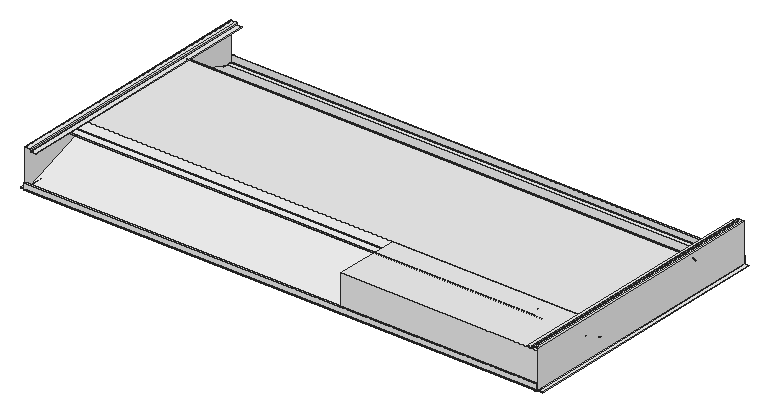
Revit family "LRTP 2x2_2x4", category Lighting Fixtures, host Ceiling, Revit 2019
Family settings
  Host = Ceiling
  Round Connector Dimension = Use Diameter
  Part Type = Normal
  OmniClass Number = 23.80.70.11.14.17
  OmniClass Title = Direct/Indirect
  Always vertical = Yes
  Cut with Voids When Loaded = No
  Light Source = Yes
  Shared = No
  Room Calculation Point = No
Parameters (values of type "LRTP2X4-LED840K061LUNV")
  Width = 1' - 11 3/4"
  Wattage = 43 W
  built-in parameter 1150110 = 1 (stored number, unit not read)
  Voltage = 120 V
  URL = "https://www.viscor.com/en/products/lrtp"
  built-in parameter 1114217 = 0.9 (stored number, unit not read)
  Tilt Angle = 90.00°
  built-in parameter 1150109 = 1 (stored number, unit not read)
  built-in parameter 1150134 = 12
  built-in parameter 1150113 = 1 (stored number, unit not read)
  Reflector Width = Width / 2  # 0' - 11 7/8"
  Photometric Web File = "LRTP2X4-LED840K061LUNV-G002084.IES"
  Model = "LRTP"  # constant formula
  Manufacturer = "VISIONEERING by VISCOR"  # constant formula
  Lumens = 6149 lm
  built-in parameter 1150115 = 1 (stored number, unit not read)
  built-in parameter 1150105 = 489.32 (stored number, unit not read)
  built-in parameter 1150137 = (empty or 0)
  built-in parameter 1150139 = (empty or 0)
  Lens Finish = Polycarbonate - Viscor - Frosted Round
  Length = 3' - 11 3/4"
  Lamp Wattage = 43 VA
  built-in parameter 1150112 = 1 (stored number, unit not read)
  built-in parameter 1150114 = 1 (stored number, unit not read)
  Lamp = "LED"  # constant formula
  built-in parameter 1150132 = (empty or 0)
  built-in parameter 1150102 = (empty or 0)
  built-in parameter 1150138 = (empty or 0)
  built-in parameter 1150107 = 4000 (stored number, unit not read)
  built-in parameter 1150106 = 4.8932 (stored number, unit not read)
  Housing Finish = Metal - Viscor - White
  Emit from Rectangle Width = Width  # 1' - 11 3/4"
  Emit from Rectangle Length = Length  # 3' - 11 3/4"
  Emit Shape Visible in Rendering = no
  built-in parameter 1150104 = 13.285 (stored number, unit not read)
  Dimming Lamp Color Temperature Shift = <None>
  Description = "LED Recessed Troffer Type P"  # constant formula
  Color Filter = 16777215
  built-in parameter 1114218 = 1 (stored number, unit not read)
  built-in parameter 1150133 = 10 (stored number, unit not read)
  Assembly Code = "D5020200"
  Apparent Load = Lamp Wattage  # 43 VA
Types (8): name | Wattage | Photometric Web File | Lumens | built-in parameter 1150105 | Length | Lamp Wattage | built-in parameter 1150106 | Emit from Rectangle Length | built-in parameter 1150104 | Apparent Load
  (no name) | 43 W | "LRTP2X4-LED840K061LUNV-G002084.IES" | 6149 lm | 489.32 (stored number, unit not read) | 3' - 11 3/4" | 43 VA | 4.8932 (stored number, unit not read) | 3' - 11 3/4" | 13.285 (stored number, unit not read) | 43 VA
  LRTP2X2-LED840K027LUNV | 23 W | "LRTP2X2-LED840K027LUNV-G002079.IES" | 2783 lm | 221.46 (stored number, unit not read) | 1' - 11 3/4" | 23 VA | 2.2146 (stored number, unit not read) | 1' - 11 3/4" | 11.241 (stored number, unit not read) | 23 VA
  LRTP2x4-LED840K042LUNV | 31 W | "LRTP2X4-LED840K042LUNV-G002081.IES" | 4247 lm | 337.97 (stored number, unit not read) | 3' - 11 3/4" | 31 VA | 3.3797 (stored number, unit not read) | 3' - 11 3/4" | 12.728 (stored number, unit not read) | 31 VA
  LRTP2x4-LED840K037LUNV | 25 W | "LRTP2X4-LED840K037LUNV-G002085.IES" | 3725 lm | 296.43 (stored number, unit not read) | 3' - 11 3/4" | 25 VA | 2.9643 (stored number, unit not read) | 3' - 11 3/4" | 13.843 (stored number, unit not read) | 25 VA
  LRTP2X2-LED840K035LUNV | 30 W | "LRTP2X2-LED840K035LUNV-G002087.IES" | 3510 lm | 279.32 (stored number, unit not read) | 1' - 11 3/4" | 30 VA | 2.7932 (stored number, unit not read) | 1' - 11 3/4" | 10.87 (stored number, unit not read) | 30 VA
  LRTP2X2-LED840K040LUNV | 32 W | "LRTP2X2-LED840K040LUNV-G002051.IES" | 4032 lm | 320.86 (stored number, unit not read) | 1' - 11 3/4" | 32 VA | 3.2086 (stored number, unit not read) | 1' - 11 3/4" | 11.706 (stored number, unit not read) | 32 VA
  LRTP2X4-LED840K050LUNV | 39 W | "LRTP2X4-LED840K050LUNV-G002082.IES" | 5226 lm | 415.87 (stored number, unit not read) | 3' - 11 3/4" | 39 VA | 4.1587 (stored number, unit not read) | 3' - 11 3/4" | 12.449 (stored number, unit not read) | 39 VA
  LRTP2X4-LED840K061LUNV | 43 W | "LRTP2X4-LED840K061LUNV-G002084.IES" | 6149 lm | 489.32 (stored number, unit not read) | 3' - 11 3/4" | 43 VA | 4.8932 (stored number, unit not read) | 3' - 11 3/4" | 13.285 (stored number, unit not read) | 43 VA
Reference planes (in)
  plane 1 "Light Source Axis (F/B)": y = 0
  plane 2 "Ceiling": z = 96
  plane 3 "Light Source Axis (L/R)": x = 0
  plane 4 "Light Source Elevation": z = 95.96875
  plane 5: y = 11.875
  plane 6: y = -11.875
  plane 7: x = -23.875
  plane 8: x = 23.875
  plane 9: x = -23.8125
  plane 10: x = 23.8125
  plane 11: y = -11.875
  plane 12: x = -23.45
  plane 13: x = 23.45
  plane 14: y = -11.7755
  plane 15: y = 11.7755
  plane 16: x = 5.45
Forms (in)
  Extrusion 1, void
    sketch origin (0, 0, 96) x (1, 0, 0) y (0, 1, 0)
      loop
        line (-23.875, -11.875) -> (23.875, -11.875) -> (23.875, 11.875) -> (-23.875, 11.875) -> (-23.875, -11.875)
    from -0.25733 to 3.57262
  Extrusion 2, solid, material "Metal - Viscor - White" <- "Housing Finish"
    sketch origin (0, 0, 0) x (1, 0, 0) y (0, 0, 1)
      loop
        line (-23.875, 96) -> (-23.519, 96)
        arc (-23.519, 96) -> (-23.47021, 96.02021) -> (-23.45, 96.069) r 0.069
        line (-23.45, 96.069) -> (-23.45, 99.461)
        arc (-23.45, 99.461) -> (-23.43858, 99.48858) -> (-23.411, 99.5) r 0.039
        line (-23.411, 99.5) -> (-22.989, 99.5)
        arc (-22.989, 99.5) -> (-22.96142, 99.48858) -> (-22.95, 99.461) r 0.039
        line (-22.95, 99.461) -> (-22.95, 99.351)
        arc (-22.95, 99.351) -> (-22.92979, 99.30221) -> (-22.881, 99.282) r 0.069
        line (-22.881, 99.282) -> (-22.45, 99.282) -> (-22.45, 99.31325) -> (-22.881, 99.31325)
        arc (-22.881, 99.31325) -> (-22.90769, 99.32431) -> (-22.91875, 99.351) r 0.03775
        line (-22.91875, 99.351) -> (-22.91875, 99.461)
        arc (-22.91875, 99.461) -> (-22.93933, 99.51067) -> (-22.989, 99.53125) r 0.07025
        line (-22.989, 99.53125) -> (-23.411, 99.53125)
        arc (-23.411, 99.53125) -> (-23.46067, 99.51067) -> (-23.48125, 99.461) r 0.07025
        line (-23.48125, 99.461) -> (-23.48125, 96.069)
        arc (-23.48125, 96.069) -> (-23.49231, 96.04231) -> (-23.519, 96.03125) r 0.03775
        line (-23.519, 96.03125) -> (-23.875, 96.03125) -> (-23.875, 96)
    from -11.7755 to 11.7755
  Extrusion 3, solid, material "Metal - Viscor - White" <- "Housing Finish"
    sketch origin (0, 0, 0) x (-1, 0, 0) y (0, 0, -1)
      loop
        line (-23.875, -96) -> (-23.875, -96.03125) -> (-23.519, -96.03125)
        arc (-23.519, -96.03125) -> (-23.49231, -96.04231) -> (-23.48125, -96.069) r 0.03775
        line (-23.48125, -96.069) -> (-23.48125, -99.461)
        arc (-23.48125, -99.461) -> (-23.46067, -99.51067) -> (-23.411, -99.53125) r 0.07025
        line (-23.411, -99.53125) -> (-22.989, -99.53125)
        arc (-22.989, -99.53125) -> (-22.93933, -99.51067) -> (-22.91875, -99.461) r 0.07025
        line (-22.91875, -99.461) -> (-22.91875, -99.351)
        arc (-22.91875, -99.351) -> (-22.90769, -99.32431) -> (-22.881, -99.31325) r 0.03775
        line (-22.881, -99.31325) -> (-22.45, -99.31325) -> (-22.45, -99.282) -> (-22.881, -99.282)
        arc (-22.881, -99.282) -> (-22.92979, -99.30221) -> (-22.95, -99.351) r 0.069
        line (-22.95, -99.351) -> (-22.95, -99.461)
        arc (-22.95, -99.461) -> (-22.96142, -99.48858) -> (-22.989, -99.5) r 0.039
        line (-22.989, -99.5) -> (-23.411, -99.5)
        arc (-23.411, -99.5) -> (-23.43858, -99.48858) -> (-23.45, -99.461) r 0.039
        line (-23.45, -99.461) -> (-23.45, -96.069)
        arc (-23.45, -96.069) -> (-23.47021, -96.02021) -> (-23.519, -96) r 0.069
        line (-23.519, -96) -> (-23.875, -96)
    from -11.7755 to 11.7755
  Extrusion 4, solid, material "Metal - Viscor - White" <- "Housing Finish"
    sketch origin (0, 0, 0) x (0, 1, 0) y (0, 0, 1)
      loop
        line (11.875, 96.062) -> (11.875, 96.625) -> (11.84375, 96.625) -> (11.84375, 96.062)
        arc (11.84375, 96.062) -> (11.83474, 96.04026) -> (11.813, 96.03125) r 0.03075
        line (11.813, 96.03125) -> (11.44235, 96.03125) -> (6.105, 97.9158)
        arc (6.105, 97.9158) -> (6.08464, 97.94183) -> (6.09961, 97.97128) r 0.03075
        line (6.09961, 97.97128) -> (6.56512, 98.24606)
        arc (6.56512, 98.24606) -> (6.59871, 98.29503) -> (6.58279, 98.35223) r 0.07025
        line (6.58279, 98.35223) -> (5.84064, 99.21957) -> (5.81689, 99.19926) -> (6.55905, 98.33192)
        arc (6.55905, 98.33192) -> (6.56789, 98.30016) -> (6.54924, 98.27298) r 0.039
        line (6.54924, 98.27298) -> (6.08373, 97.99819)
        arc (6.08373, 97.99819) -> (6.05353, 97.9388) -> (6.0946, 97.88634) r 0.062
        line (6.0946, 97.88634) -> (11.437, 96) -> (11.813, 96)
        arc (11.813, 96) -> (11.85684, 96.01816) -> (11.875, 96.062) r 0.062
    from -23.45 to 23.45
  Extrusion 5, solid, material "Metal - Viscor - White" <- "Housing Finish"
    sketch origin (0, 0, 0) x (0, -1, 0) y (0, 0, -1)
      loop
        arc (11.875, -96.062) -> (11.85684, -96.01816) -> (11.813, -96) r 0.062
        line (11.813, -96) -> (11.437, -96) -> (6.0946, -97.88634)
        arc (6.0946, -97.88634) -> (6.05353, -97.9388) -> (6.08373, -97.99819) r 0.062
        line (6.08373, -97.99819) -> (6.54924, -98.27298)
        arc (6.54924, -98.27298) -> (6.56789, -98.30016) -> (6.55905, -98.33192) r 0.039
        line (6.55905, -98.33192) -> (5.81689, -99.19926) -> (5.84064, -99.21957) -> (6.58279, -98.35223)
        arc (6.58279, -98.35223) -> (6.59871, -98.29503) -> (6.56512, -98.24606) r 0.07025
        line (6.56512, -98.24606) -> (6.09961, -97.97128)
        arc (6.09961, -97.97128) -> (6.08464, -97.94183) -> (6.105, -97.9158) r 0.03075
        line (6.105, -97.9158) -> (11.44235, -96.03125) -> (11.813, -96.03125)
        arc (11.813, -96.03125) -> (11.83474, -96.04026) -> (11.84375, -96.062) r 0.03075
        line (11.84375, -96.062) -> (11.84375, -96.625) -> (11.875, -96.625) -> (11.875, -96.062)
    from -23.45 to 23.45
  Extrusion 6, solid, material "Metal - Viscor - White" <- "Housing Finish"
    sketch origin (0, 0, 0) x (0, 1, 0) y (0, 0, 1)
      loop
        line (6.31831, 98.69965) -> (5.84238, 99.25586)
        arc (5.84238, 99.25586) -> (5.81881, 99.27368) -> (5.78995, 99.28) r 0.069
        line (5.78995, 99.28) -> (-5.78995, 99.28)
        arc (-5.78995, 99.28) -> (-5.81881, 99.27368) -> (-5.84238, 99.25586) r 0.069
        line (-5.84238, 99.25586) -> (-6.31831, 98.69965) -> (-6.29457, 98.67933) -> (-5.81864, 99.23554)
        arc (-5.81864, 99.23554) -> (-5.80574, 99.24529) -> (-5.78995, 99.24875) r 0.03775
        line (-5.78995, 99.24875) -> (5.78995, 99.24875)
        arc (5.78995, 99.24875) -> (5.80574, 99.24529) -> (5.81864, 99.23554) r 0.03775
        line (5.81864, 99.23554) -> (6.29457, 98.67933) -> (6.31831, 98.69965)
    from -23.45 to 23.45
  Extrusion 7, solid, material "Polycarbonate - Viscor - Frosted Round" <- "Lens Finish"
    sketch origin (0, 0, 0) x (0, 1, 0) y (0, 0, 1)
      loop
        arc (6.54518, 98.34013) -> (0, 96.346) -> (-6.54518, 98.34013) r 11.73842
        line (-6.54518, 98.34013) -> (-6.56748, 98.30693)
        arc (-6.56748, 98.30693) -> (0, 96.306) -> (6.56748, 98.30693) r 11.77842
        line (6.56748, 98.30693) -> (6.54518, 98.34013)
    from -23.45 to 23.45
  Extrusion 8, solid, material "Metal - Viscor - White" <- "Housing Finish"
    sketch origin (0, 0, 0) x (0, 1, 0) y (0, 0, 1)
      loop
        line (-6.40641, 97.80938) -> (-6.65008, 98.30897) -> (-5.81749, 99.282) -> (-11.7755, 99.282) -> (-11.7755, 96.03125) -> (-11.44235, 96.03125) -> (-6.40641, 97.80938)
    from 5.45 to 23.45
Dimensions and locks (in)
  equal spacing: host sketch curve, plane 3 "Light Source Axis (L/R)", host sketch curve
  equal spacing: host sketch curve, plane 1 "Light Source Axis (F/B)", host sketch curve
  host sketch curve to host sketch curve = 10' - 0"  (x2)
  equal spacing: plane 7, plane 3 "Light Source Axis (L/R)", plane 8
  "Length": plane 7 to plane 8
  equal spacing: plane 5, plane 1 "Light Source Axis (F/B)", plane 6
  "Width": plane 5 to plane 6
  plane 4 "Light Source Elevation" to plane 2 "Ceiling" = 0' - 0 1/32"
  locked: plane 7 to plane 9 at 0.0625
  locked: plane 10 to plane 8 at 0.0625
  locked: plane 7 to plane 12 at 0.425
  locked: plane 13 to plane 8 at 0.425
  locked: plane 14 to plane 11 at 0.0995
  locked: plane 5 to plane 15 at 0.0995
  locked: plane 16 to plane 13 at 18
  aligned and locked: plane 3 "Light Source Axis (L/R)" to imposter light
  aligned and locked: plane 1 "Light Source Axis (F/B)" to imposter light
  aligned and locked: plane 4 "Light Source Elevation" to imposter light
  aligned and locked: Extrusion 1 to imposter light
  aligned and locked: Extrusion 1 to plane 7
  aligned and locked: plane 8 to Extrusion 1
  aligned and locked: plane 15 to Extrusion 2
  aligned and locked: Extrusion 2 to plane 14
  aligned and locked: plane 15 to Extrusion 3
  aligned and locked: Extrusion 3 to plane 14
  aligned and locked: Extrusion 4 to plane 12
  aligned and locked: plane 13 to Extrusion 4
  aligned and locked: Extrusion 5 to plane 12
  aligned and locked: plane 13 to Extrusion 5
  aligned and locked: Extrusion 6 to plane 12
  aligned and locked: plane 13 to Extrusion 6
  aligned and locked: Extrusion 7 to plane 12
  aligned and locked: plane 13 to Extrusion 7
  aligned and locked: plane 13 to Extrusion 8
  aligned and locked: Extrusion 8 to plane 16
Automatic sketch dimensions
  Extrusion 1 sketch curve to plane 5 = 0' - 0"
  Extrusion 1 sketch curve to plane 7 = 0' - 0"
  Extrusion 1 sketch curve to plane 8 = 0' - 0"
  Extrusion 1 sketch curve to plane 6 = 0' - 0"
  Extrusion 2 sketch curve to Extrusion 2 sketch curve = 0' - 0"  (x8)
  Extrusion 2 sketch curve to plane 2 "Ceiling" = 0' - 0"
  Extrusion 2 sketch curve to plane 7 = 0' - 0"
  Extrusion 2 sketch curve to plane 12 = 0' - 0"
  Extrusion 2 sketch curve to plane 12 = 0' - 0.069"
  Extrusion 2 sketch curve to Extrusion 2 sketch curve = 0' - 0 1/32"
  plane 12 to Extrusion 2 sketch curve = 0' - 0.039"
  Extrusion 2 sketch curve to Extrusion 2 sketch curve = 0' - 0.422"
  Extrusion 2 sketch curve to Extrusion 2 sketch curve = 0' - 0.039"
  Extrusion 2 sketch curve to Extrusion 2 sketch curve = 0' - 0.03775"
  Extrusion 2 sketch curve to Extrusion 2 sketch curve = 0' - 0.431"
  plane 2 "Ceiling" to Extrusion 2 sketch curve = 0' - 3.282"
  Extrusion 2 sketch curve to Extrusion 2 sketch curve = 0' - 0.11"
  Extrusion 3 sketch curve to Extrusion 3 sketch curve = 0' - 0"  (x8)
  Extrusion 3 sketch curve to plane 2 "Ceiling" = 0' - 0"
  Extrusion 3 sketch curve to plane 8 = 0' - 0"
  Extrusion 3 sketch curve to plane 13 = 0' - 0"
  Extrusion 3 sketch curve to plane 13 = 0' - 0.069"
  Extrusion 3 sketch curve to Extrusion 3 sketch curve = 0' - 0 1/32"
  plane 13 to Extrusion 3 sketch curve = 0' - 0.039"
  Extrusion 3 sketch curve to Extrusion 3 sketch curve = 0' - 0.422"
  Extrusion 3 sketch curve to Extrusion 3 sketch curve = 0' - 0.039"
  Extrusion 3 sketch curve to Extrusion 3 sketch curve = 0' - 0.03775"
  Extrusion 3 sketch curve to Extrusion 3 sketch curve = 0' - 0.431"
  Extrusion 3 sketch curve to plane 2 "Ceiling" = 0' - 3.282"
  Extrusion 3 sketch curve to Extrusion 3 sketch curve = 0' - 0.11"
  Extrusion 4 sketch curve to Extrusion 4 sketch curve = 0' - 0"  (x6)
  Extrusion 4 sketch curve to plane 2 "Ceiling" = 0' - 0"
  Extrusion 4 sketch curve to plane 5 = 0' - 0"
  Extrusion 4 sketch curve to plane 5 = 0' - 0 1/32"
  Extrusion 4 sketch curve to Extrusion 4 sketch curve = 0' - 0.03075"
  Extrusion 4 sketch curve to plane 15 = 0' - 0.33315"
  Extrusion 4 sketch curve to Extrusion 4 sketch curve = 0' - 0.00535"
  plane 2 "Ceiling" to Extrusion 4 sketch curve = 0' - 2.35223"
  Extrusion 4 sketch curve to plane 15 = 0' - 5.19271"
  plane 2 "Ceiling" to Extrusion 4 sketch curve = 0' - 2.24606"
  Extrusion 4 sketch curve to Extrusion 4 sketch curve = 0' - 0.01767"
  Extrusion 4 sketch curve to Extrusion 4 sketch curve = 0' - 0.02374"
  plane 2 "Ceiling" to Extrusion 4 sketch curve = 0' - 2.27298"
  Extrusion 4 sketch curve to Extrusion 4 sketch curve = 0' - 0.01589"
  Extrusion 4 sketch curve to Extrusion 4 sketch curve = 0' - 0.01982"
  Extrusion 4 sketch curve to Extrusion 4 sketch curve = 0' - 0.44988"
  plane 2 "Ceiling" to Extrusion 4 sketch curve = 0' - 1.9158"
  Extrusion 4 sketch curve to Extrusion 4 sketch curve = 0' - 0.01024"
  plane 2 "Ceiling" to Extrusion 4 sketch curve = 0' - 1.97128"
  Extrusion 4 sketch curve to Extrusion 4 sketch curve = 0' - 0 1/64"
  plane 2 "Ceiling" to Extrusion 4 sketch curve = 0' - 1.88634"
  Extrusion 4 sketch curve to Extrusion 4 sketch curve = 0' - 0.0104"
  plane 2 "Ceiling" to Extrusion 4 sketch curve = 0' - 1.99819"
  Extrusion 4 sketch curve to Extrusion 4 sketch curve = 0' - 0.74215"
  plane 2 "Ceiling" to Extrusion 4 sketch curve = 0' - 3.19926"
  Extrusion 4 sketch curve to Extrusion 4 sketch curve = 0' - 0.563"
  Extrusion 5 sketch curve to Extrusion 5 sketch curve = 0' - 0"  (x6)
  Extrusion 5 sketch curve to plane 2 "Ceiling" = 0' - 0"
  Extrusion 5 sketch curve to plane 6 = 0' - 0"
  Extrusion 5 sketch curve to Extrusion 5 sketch curve = 0' - 0 1/32"
  Extrusion 5 sketch curve to Extrusion 5 sketch curve = 0' - 0.03075"
  Extrusion 5 sketch curve to plane 14 = 0' - 0.33315"
  Extrusion 5 sketch curve to Extrusion 5 sketch curve = 0' - 0.00535"
  Extrusion 5 sketch curve to plane 2 "Ceiling" = 0' - 2.35223"
  Extrusion 5 sketch curve to plane 14 = 0' - 5.19271"
  Extrusion 5 sketch curve to plane 2 "Ceiling" = 0' - 2.24606"
  Extrusion 5 sketch curve to Extrusion 5 sketch curve = 0' - 0.01767"
  Extrusion 5 sketch curve to Extrusion 5 sketch curve = 0' - 0.02374"
  Extrusion 5 sketch curve to plane 2 "Ceiling" = 0' - 2.27298"
  Extrusion 5 sketch curve to Extrusion 5 sketch curve = 0' - 0.01589"
  Extrusion 5 sketch curve to Extrusion 5 sketch curve = 0' - 0.02963"
  Extrusion 5 sketch curve to Extrusion 5 sketch curve = 0' - 0.44988"
  Extrusion 5 sketch curve to plane 2 "Ceiling" = 0' - 1.9158"
  Extrusion 5 sketch curve to Extrusion 5 sketch curve = 0' - 0.01024"
  Extrusion 5 sketch curve to plane 2 "Ceiling" = 0' - 1.97128"
  Extrusion 5 sketch curve to Extrusion 5 sketch curve = 0' - 0 1/64"
  Extrusion 5 sketch curve to plane 2 "Ceiling" = 0' - 1.88634"
  Extrusion 5 sketch curve to Extrusion 5 sketch curve = 0' - 0.0104"
  Extrusion 5 sketch curve to plane 2 "Ceiling" = 0' - 1.99819"
  Extrusion 5 sketch curve to Extrusion 5 sketch curve = 0' - 0.74215"
  Extrusion 5 sketch curve to plane 2 "Ceiling" = 0' - 3.19926"
  Extrusion 5 sketch curve to Extrusion 5 sketch curve = 0' - 0.563"
  Extrusion 6 sketch curve to Extrusion 6 sketch curve = 0' - 0"  (x4)
  plane 1 "Light Source Axis (F/B)" to Extrusion 6 sketch curve = 0' - 5.84238"
  Extrusion 6 sketch curve to Extrusion 6 sketch curve = 0' - 0.02374"  (x4)
  Extrusion 6 sketch curve to Extrusion 6 sketch curve = 0' - 0.02868"  (x2)
  Extrusion 6 sketch curve to plane 1 "Light Source Axis (F/B)" = 0' - 5.78995"
  plane 2 "Ceiling" to Extrusion 6 sketch curve = 0' - 2.67933"  (x2)
  Extrusion 6 sketch curve to Extrusion 6 sketch curve = 0' - 0.47593"  (x2)
  Extrusion 6 sketch curve to Extrusion 6 sketch curve = 0' - 0.02454"
  plane 2 "Ceiling" to Extrusion 6 sketch curve = 0' - 2.69965"
  Extrusion 7 sketch curve to Extrusion 7 sketch curve = 0' - 0"  (x2)
  Extrusion 7 sketch curve to plane 1 "Light Source Axis (F/B)" = 0' - 0"
  plane 2 "Ceiling" to Extrusion 7 sketch curve = 0' - 2.34013"
  plane 2 "Ceiling" to Extrusion 7 sketch curve = 0' - 2.30693"  (x2)
  Extrusion 7 sketch curve to Extrusion 7 sketch curve = 0' - 0.0223"  (x2)
  Extrusion 7 sketch curve to Extrusion 7 sketch curve = 0' - 9.74428"
  plane 14 to Extrusion 7 sketch curve = 0' - 5.23032"
  plane 2 "Ceiling" to Extrusion 8 sketch curve = 0' - 0 1/32"
  plane 14 to Extrusion 8 sketch curve = 0' - 0.33315"
  plane 2 "Ceiling" to Extrusion 8 sketch curve = 0' - 2.30897"
  plane 14 to Extrusion 8 sketch curve = 0' - 5.12542"
  Extrusion 8 sketch curve to Extrusion 8 sketch curve = 0' - 0.24367"
  plane 2 "Ceiling" to Extrusion 8 sketch curve = 0' - 1.80938"
  Extrusion 8 sketch curve to Extrusion 8 sketch curve = 0' - 0.83259"
  Extrusion 8 sketch curve to Extrusion 8 sketch curve = 0' - 0.97303"
  Extrusion 8 sketch curve to plane 14 = 0' - 0"
Connectors (in)
  electrical at (0, 0, 96), driven by "Voltage", driven by "Apparent Load"
    settings: index 1, voltage 120 V, apparent load 0 VA, apparent load phase1 43 VA, apparent load phase2 0 VA, apparent load phase3 0 VA, power factor 1, load classification "Other", number of poles 1, system type 31, power factor state 1, is connector primary yes, connector utility no, sub classification motor no, connector description ""
